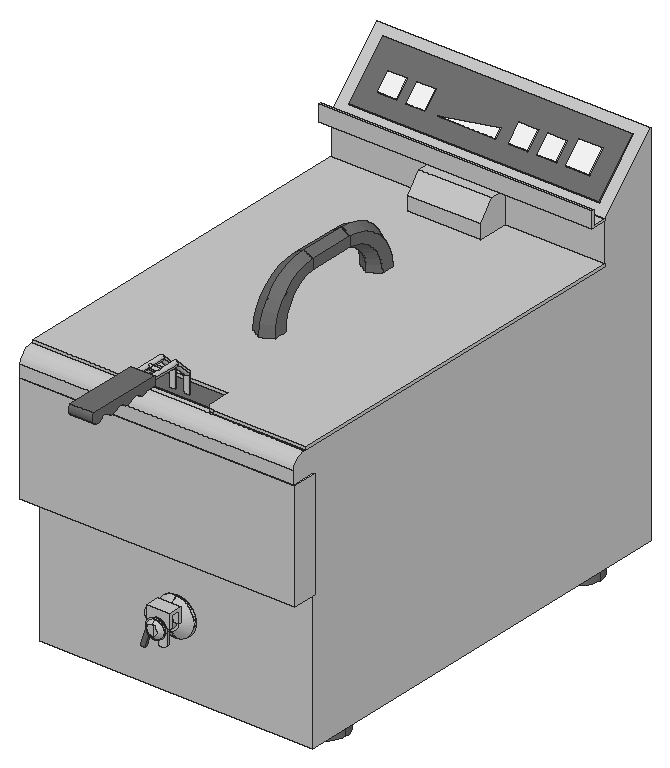
Revit family "QF_BLIZZARD_BIF", category Specialty Equipment, Revit 2016
Family settings
  Part Type = Normal
  Round Connector Dimension = Use Diameter
  OmniClass Number = 23.40.40.14
  OmniClass Title = Food Service Equipment
  Work Plane-Based = No
  Always vertical = Yes
  Cut with Voids When Loaded = No
  Shared = No
  Room Calculation Point = No
Parameters (values of type "BIF")
  URL = "www.blizzardequipment.com"
  Show Logo [instance] = yes
  Show Clearance [instance] = yes
  Model = "BIF"
  Manufacturer = "BLIZZARD"
  Description = "SINGLE TANK INDUCTION FRYER 8L"
  Assembly Code = "E1090320"
Reference planes
  plane 1 "Back": y = 0
  plane 2: z = 0
  plane 3 "Left": x = 0
  plane 4 "Right": x = 288
  plane 5 "Front": y = -478
  plane 6 "Top": z = 410
Forms (mm)
  Extrusion 1, solid
    sketch origin (0, 0, 70) x (0, 1, 0) y (0, 0, 1)
      loop
        line (0, 235.012) -> (-455, 235.012)
        arc (-455, 235.012) -> (-464.856, 231.607) -> (-470.506, 222.842) r 15.963
        line (-470.506, 222.842) -> (-470.506, 209.509) -> (0, 209.509) -> (0, 235.012)
    from 0 to 288
  Extrusion 2, solid
    sketch origin (0, 0, 5) x (0, 1, 0) y (0, 0, 1)
      loop
        line (-60, 300.012) -> (-445, 300.012) -> (-445, 14.509) -> (0, 14.509) -> (0, 405) -> (-60, 345) -> (-60, 300.012)
    from 0 to 288
  Extrusion 3, solid
    sketch origin (0, 0, 70) x (1, 0, 0) y (0, 1, 0)
      loop
        line (0, -60) -> (0, -454.041) -> (96.5, -454.041)
        arc (96.5, -454.041) -> (103.571, -451.112) -> (106.5, -444.041) r 10
        line (106.5, -444.041) -> (106.5, -424.041) -> (181.5, -424.041) -> (181.5, -444.041)
        arc (181.5, -444.041) -> (184.429, -451.112) -> (191.5, -454.041) r 10
        line (191.5, -454.041) -> (288, -454.041) -> (288, -60) -> (182.5, -60) -> (182.5, -92.071) -> (105.5, -92.071) -> (105.5, -60) -> (0, -60)
    from 235.012 to 238.012
  Extrusion 4, solid
    sketch origin (0, 44.77, 0) x (1, 0, 0) y (0, 1, 0)
      loop
        circle (32.179, -94.77) r 20
    from 0 to 19.509
  Extrusion 5, solid
    sketch origin (223, 44.77, 0) x (1, 0, 0) y (0, 1, 0)
      loop
        circle (32.179, -94.77) r 20
    from 0 to 19.509
  Extrusion 6, solid
    sketch origin (0, -290.23, 0) x (1, 0, 0) y (0, 1, 0)
      loop
        circle (32.179, -94.77) r 20
    from 0 to 19.509
  Extrusion 7, solid
    sketch origin (223, -290.23, 0) x (1, 0, 0) y (0, 1, 0)
      loop
        circle (32.179, -94.77) r 20
    from 0 to 19.509
  SweptBlend 8, solid
    path origin (143, -40, 63.012) x (0, 1, 0) y (0, 0, 1)
      loop
        arc (-140, 245) -> (-153.394, 277.336) -> (-185.73, 290.73) r 45.73
    profile origin (143, -180, 308.012) x (0, -1, 0) y (1, 0, 0)
      loop
        line (-13.826, 0) -> (-6.913, -11.974) -> (6.913, -11.974) -> (13.826, 0) -> (6.913, 11.974) -> (-6.913, 11.974) -> (-13.826, 0)
    end profile origin (143, -225.73, 353.742) x (0, 0, -1) y (1, 0, 0)
      loop
        line (-5.187, 8.984) -> (-10.373, 0) -> (-5.187, -8.984) -> (5.187, -8.984) -> (10.373, 0) -> (5.187, 8.984) -> (-5.187, 8.984)
  Extrusion 9, solid
    sketch origin (-2, -10, 63.012) x (1, 0, 0) y (0, 0, 1)
      loop
        line (153.984, 285.543) -> (153.984, 295.917) -> (145, 301.103) -> (136.016, 295.917) -> (136.016, 285.543) -> (145, 280.357) -> (153.984, 285.543)
    from 215.73 to 265
  SweptBlend 10, solid
    path origin (143, -460.73, 63.012) x (0, -1, 0) y (0, 0, -1)
      loop
        arc (-140, -245) -> (-153.394, -277.336) -> (-185.73, -290.73) r 45.73
    profile origin (143, -320.73, 308.012) x (0, -1, 0) y (1, 0, 0)
      loop
        line (13.826, 0) -> (6.913, 11.974) -> (-6.913, 11.974) -> (-13.826, 0) -> (-6.913, -11.974) -> (6.913, -11.974) -> (13.826, 0)
    end profile origin (143, -275, 353.742) x (0, 0, 1) y (1, 0, 0)
      loop
        line (5.187, 8.984) -> (-5.187, 8.984) -> (-10.373, 0) -> (-5.187, -8.984) -> (5.187, -8.984) -> (10.373, 0) -> (5.187, 8.984)
  Extrusion 11, solid
    sketch origin (0, 0, 5) x (0, 1, 0) y (0, 0, 1)
      loop
        line (-60, 345) -> (-75, 345) -> (-75, 360) -> (-77, 360) -> (-77, 343) -> (-60, 343) -> (-60, 345)
    from 0 to 288
  Extrusion 12, solid
    sketch origin (131.5, -9.041, 55) x (0, 1, 0) y (0, 0, 1)
      loop
        line (-479.826, 289.253) -> (-559.619, 289.253)
        arc (-559.619, 289.253) -> (-561.702, 284.152) -> (-559.619, 279.051) r 7.289
        arc (-559.619, 279.051) -> (-554.681, 277.153) -> (-549.826, 279.253) r 7
        arc (-549.826, 279.253) -> (-544.826, 281.354) -> (-539.826, 279.253) r 7
        arc (-539.826, 279.253) -> (-534.826, 277.152) -> (-529.826, 279.253) r 7
        arc (-529.826, 279.253) -> (-524.826, 281.354) -> (-519.826, 279.253) r 7
        arc (-519.826, 279.253) -> (-514.826, 277.152) -> (-509.826, 279.253) r 7
        arc (-509.826, 279.253) -> (-504.826, 281.354) -> (-499.826, 279.253) r 7
        arc (-499.826, 279.253) -> (-494.826, 277.152) -> (-489.826, 279.253) r 7
        line (-489.826, 279.253) -> (-479.826, 279.253) -> (-479.826, 289.253)
    from 0 to 25
  Sweep 13, solid
    path origin (136.5, -9.041, 55) x (0, 1, 0) y (0, 0, 1)
      loop
        line (-479.826, 284.253) -> (-446.21, 284.253) -> (-430.604, 268.646) -> (-430.604, 246.244)
    profile origin (136.5, -472.059, 339.253) x (0, 0, 1) y (1, 0, 0)
      loop
        circle (0, 0) r 2.5
  Sweep 14, solid
    path origin (151.5, -9.041, 55) x (0, 1, 0) y (0, 0, -1)
      loop
        line (-479.826, -284.253) -> (-446.21, -284.253) -> (-430.604, -268.646) -> (-430.604, -246.244)
    profile origin (151.5, -472.059, 339.253) x (0, 0, -1) y (-1, 0, 0)
      loop
        circle (0, 0) r 2.5
  Extrusion 15, solid
    sketch origin (-1, -9.041, 70) x (0, 1, 0) y (0, 0, 1)
      loop
        circle (-464.018, 269.245) r 2.153
    from 139.06 to 150.884
  Extrusion 16, solid
    sketch origin (363.088, -118.117, 289.761) x (1, 0, 0) y (0, 0.707107, 0.707107)
      loop
        line (-350.997, 158.543) -> (-350.997, 94.679) -> (-87.872, 94.679) -> (-87.872, 158.543) -> (-350.997, 158.543)
    from 0 to 2
  Extrusion 17, solid
    sketch origin (-45.665, -65.937, 343.46) x (1, 0, 0) y (0, 0.707107, 0.707107)
      loop
        line (245.881, 57.811) -> (245.881, 37.811) -> (265.881, 37.811) -> (265.881, 57.811) -> (245.881, 57.811)
    from -0.205 to 1.127
  Extrusion 18, solid
    sketch origin (-15.665, -65.937, 343.46) x (1, 0, 0) y (0, 0.707107, 0.707107)
      loop
        line (245.881, 62.811) -> (245.881, 37.811) -> (270.881, 37.811) -> (270.881, 62.811) -> (245.881, 62.811)
    from -0.205 to 1.127
  Extrusion 19, solid
    sketch origin (-149.665, -58.869, 350.534) x (1, 0, 0) y (0, 0.707107, 0.707107)
      loop
        line (245.881, 27.811) -> (305.881, 27.811) -> (305.881, 37.811) -> (245.881, 27.811)
    from -0.205 to 1.127
  Extrusion 20, solid
    sketch origin (-1, 0, 60) x (0, 1, 0) y (0, 0, 1)
      loop
        line (-92.071, 245.012) -> (-60, 245.012) -> (-60, 280.012) -> (-77, 280.012) -> (-92.071, 262.051) -> (-92.071, 245.012)
    from 106.5 to 183.5
  Extrusion 21, solid
    sketch origin (-11, -69.041, 303.512) x (1, 0, 0) y (0, 1, 0)
      loop
        arc (117.5, -375) -> (117.159, -377.588) -> (116.16, -380) r 10
        line (116.16, -380) -> (193.84, -380)
        arc (193.84, -380) -> (192.841, -377.588) -> (192.5, -375) r 10
        line (192.5, -375) -> (192.5, -355) -> (117.5, -355) -> (117.5, -375)
    from 0 to 2
  Extrusion 22, solid
    sketch origin (0, -10, 70) x (0, 1, 0) y (0, 0, 1)
      loop
        line (-435, 209.509) -> (-460.506, 209.509) -> (-460.506, 94.761) -> (-435, 94.761) -> (-435, 209.509)
    from 0 to 290
  Revolve 23, solid
    sketch origin (145, -10, 5) x (0, 1, 0) y (0, 0, 1)
      loop
        line (-435, 89.509) -> (-435, 109.509) -> (-437, 109.509) -> (-445, 99.509) -> (-445, 96.509) -> (-459.915, 96.509) -> (-459.915, 98.509) -> (-462.915, 98.509) -> (-462.915, 99.509) -> (-463.915, 99.509) -> (-463.915, 98.509) -> (-467.45, 94.974) -> (-467.45, 89.509) -> (-435, 89.509)
      axis (-467.45, 89.509) -> (-435, 89.509)
    angle from 0 to 360
  Extrusion 24, solid
    sketch origin (133, -10, 0) x (0, 1, 0) y (0, 0, 1)
      loop
        line (-459.915, 96.509) -> (-456.915, 96.509) -> (-456.915, 108.509) -> (-448, 108.509) -> (-448, 96.509) -> (-445, 96.509) -> (-445, 111.509) -> (-459.915, 111.509) -> (-459.915, 96.509)
    from 0 to 24
  Extrusion 25, solid
    sketch origin (135.638, -10, 64.094) x (0.956305, 0, -0.292372) y (0, 1, 0)
      loop
        circle (-12, -452.457) r 2.5
    from 0 to 30
  Extrusion 26, solid
    sketch origin (145, -446.039, 4.762) x (1, 0, 0) y (0, 0, 1)
      loop
        arc (-9.609, 90.778) -> (-8.345, 103.463) -> (-14.391, 92.24) r 6.5
        line (-14.391, 92.24) -> (-9.609, 90.778)
    from 11.961 to 20.876
  Extrusion 27, solid
    sketch origin (133, -10, 75.541) x (1, 0, 0) y (0, 1, 0)
      loop
        circle (12, -452.457) r 4.457
    from 0 to 20
  Extrusion 28, solid
    sketch origin (-75.665, -65.937, 343.46) x (1, 0, 0) y (0, 0.707107, 0.707107)
      loop
        line (245.881, 57.811) -> (245.881, 37.811) -> (265.881, 37.811) -> (265.881, 57.811) -> (245.881, 57.811)
    from -0.205 to 1.127
  Extrusion 29, solid
    sketch origin (-183.79, -65.937, 343.46) x (1, 0, 0) y (0, 0.707107, 0.707107)
      loop
        line (245.881, 57.811) -> (245.881, 37.811) -> (265.881, 37.811) -> (265.881, 57.811) -> (245.881, 57.811)
    from -0.205 to 1.127
  Extrusion 30, solid
    sketch origin (-213.79, -65.937, 343.46) x (1, 0, 0) y (0, 0.707107, 0.707107)
      loop
        line (245.881, 57.811) -> (245.881, 37.811) -> (265.881, 37.811) -> (265.881, 57.811) -> (245.881, 57.811)
    from -0.205 to 1.127
Cuts and joins
  joined: Extrusion 1, Extrusion 2
Lines and regions (mm)
  reference lines
    curve 1: line (0, -183.475, 1485) -> (0, -697.791, 1021.908)
  symbolic lines, style "200-EquipBorder-2D"
    curve 2: line (0, 0, 0) -> (288, 0, 0)
    curve 3: line (0, -470.506, 0) -> (0, 0, 0)
    curve 4: line (288, 0, 0) -> (288, -470.506, 0)
    curve 19: line (156.5, -570.743, 0) -> (131.5, -570.743, 0)
    curve 20: line (131.5, -570.743, 0) -> (131.5, -488.867, 0)
    curve 21: line (131.5, -488.867, 0) -> (156.5, -488.867, 0)
    curve 22: line (156.5, -488.867, 0) -> (156.5, -570.743, 0)
    curve 23: line (134.028, -439.269, 0) -> (134.028, -488.867, 0)
    curve 24: line (139, -439.645, 0) -> (139, -470.506, 0)
    curve 25: line (149.028, -440.02, 0) -> (149.028, -470.506, 0)
    curve 26: line (154, -439.645, 0) -> (154, -488.867, 0)
    curve 27: line (149, -488.867, 0) -> (149, -475.236, 0)
    curve 28: line (149, -475.236, 0) -> (139, -475.236, 0)
    curve 29: line (139, -475.236, 0) -> (139, -488.867, 0)
    curve 30: arc (139, -439.645, 0) -> (136.688, -437.152, 0) -> (134.028, -439.269, 0) r 2.5
    curve 31: arc (154, -439.645, 0) -> (151.312, -437.152, 0) -> (149.028, -440.02, 0) r 2.5
    curve 32: line (139, -470.506, 0) -> (149.028, -470.506, 0)
    curve 43: line (0, -470.506, 0) -> (134.028, -470.506, 0)
    curve 44: line (288, -470.506, 0) -> (154, -470.506, 0)
  symbolic lines, style "200-EquipInternal-2D"
    curve 5: line (0, -60, 0) -> (288, -60, 0)
    curve 6: line (105.5, -60, 0) -> (105.5, -92.071, 0)
    curve 7: line (105.5, -92.071, 0) -> (182.5, -92.071, 0)
    curve 8: line (182.5, -92.071, 0) -> (182.5, -60, 0)
    curve 9: line (134.016, -225.73, 0) -> (134.016, -275, 0)
    curve 10: line (134.016, -225.73, 0) -> (131.026, -173.087, 0)
    curve 11: line (131.026, -173.087, 0) -> (143, -166.174, 0)
    curve 12: line (143, -166.174, 0) -> (154.974, -173.087, 0)
    curve 13: line (154.974, -173.087, 0) -> (151.984, -225.73, 0)
    curve 14: line (151.984, -275, 0) -> (151.984, -225.73, 0)
    curve 15: line (151.984, -275, 0) -> (154.974, -327.643, 0)
    curve 16: line (154.974, -327.643, 0) -> (143, -334.556, 0)
    curve 17: line (143, -334.556, 0) -> (131.026, -327.643, 0)
    curve 18: line (131.026, -327.643, 0) -> (134.016, -275, 0)
    curve 33: line (0, -454.041, 0) -> (96.5, -454.041, 0)
    curve 34: arc (96.5, -454.041, 0) -> (103.571, -451.112, 0) -> (106.5, -444.041, 0) r 10
    curve 35: line (106.5, -444.041, 0) -> (106.5, -424.041, 0)
    curve 36: line (106.5, -424.041, 0) -> (181.5, -424.041, 0)
    curve 37: line (181.5, -424.041, 0) -> (181.5, -444.041, 0)
    curve 38: arc (181.5, -444.041, 0) -> (184.429, -451.112, 0) -> (191.5, -454.041, 0) r 10
    curve 39: line (191.5, -454.041, 0) -> (288, -454.041, 0)
    curve 40: line (105.16, -449.041, 0) -> (134.028, -449.041, 0)
    curve 41: line (139, -449.068, 0) -> (149.028, -449.068, 0)
    curve 42: line (154, -449.041, 0) -> (182.84, -449.041, 0)
Dimensions and locks
  plane 3 "Left" to plane 4 "Right" = 288 mm
  plane 5 "Front" to plane 1 "Back" = 478 mm
  plane 1 "Back" to plane 5 "Front" = 478 mm
  plane 4 "Right" to plane 3 "Left" = 288 mm
  plane 6 "Top" to level = 410 mm  (x2)
  aligned and locked: level to plane 2
